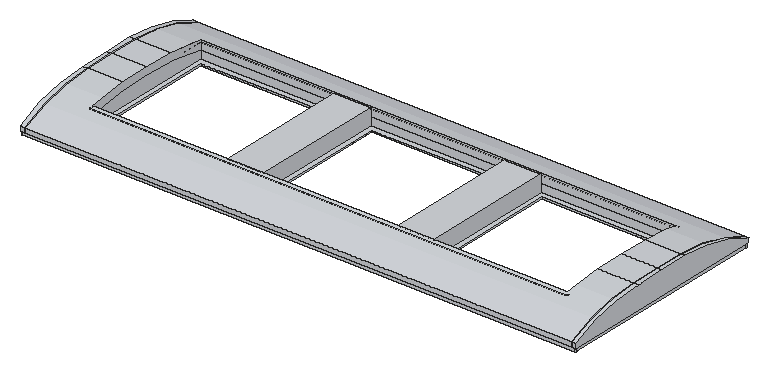
Revit family "Gira_0213806", category Electrical Fixtures, host Face, Revit 2017
Family settings
  Host = Face
  Maintain Annotation Orientation = No
  Round Connector Dimension = Use Diameter
  Part Type = Normal
  Cut with Voids When Loaded = No
  Shared = No
  Room Calculation Point = No
Parameters (values of type "Cov.fr. 3-g interm.fr. CAl Gira Event p.white")
  With mounting grid = "No"
  With hinged lid = "No"
  URL = "http://katalog.gira.de/en/datenblatt.html?artikelnr=0213806"
  Type of fastening = "Clamp mounting"
  Transparent = "No"
  Surface protection = "Other"
  Suitable for wall duct = "No"
  Suitable for flush-mounted installation = "Yes"
  Suitable for floor box = "No"
  Suitable for built-in installation = "No"
  Number of units vertical = "3"
  Number of units horizontal = "3"
  Number of units = "3"
  Name = "Cov.fr. 3-g interm.fr. CAl Gira Event p.white"
  Mounting direction = "Horizontal and vertical"
  Material quality = "Thermoplastic"
  Material = "Plastic"
  Manufacturer URL = "https://www.gira.de/"
  Manufacturer = "Gira"
  Label space/information surface = "No"
  Keynote = ""
  HeinzeBIM = "https://bimportal.heinze.de/bim/cov-fr-3-g-interm-fr-cal-gira-event-p-white/f13988d0c30793cede8810d134b0d044e6dbc91a"
  Halogen free = "Yes"
  HAN = "0213806"
  GTIN = "4010337070085"
  Description = "Cov.fr.3g i.fr.CAl Event PW,Gira Event frames,pure white glossy with colour aluminium intermediate frame,3-gang,Features:,- Shatter-proof."
  Degree of protection (IP) = "IP20"
  Default Elevation = 1219.2 mm
  Data sheet (1) = "https://katalog.gira.de/en/download.html?artikelnr=0213806"
  Colour = "White"
  Category = "Cover frame for domestic switching devices"
  BIM (1) = "https://media.stage.bim.site/public/gira/36a6b08/Event_Rahmen_3fach.rfa"
  Available = "No"
Reference planes
  plane 1 "Center (Front/Back)": y = 0
  plane 2: z = 0
  plane 3 "Center (Left/Right)": x = 0
Forms (mm)
  Extrusion 1, solid, detail levels fine
    sketch origin (0, 0, 0.05) x (0, 1, 0) y (0, 0, 1)
      loop
        arc (12.445, 9.683) -> (6.223, 9.833) -> (0, 9.85) r 291.636
        arc (0, 9.85) -> (-6.223, 9.833) -> (-12.445, 9.683) r 291.636
        arc (-12.445, 9.683) -> (-29.14, 7.482) -> (-45, 1.823) r 79.728
        line (-45, 1.823) -> (-45, -0.05) -> (-42.086, -0.05)
        arc (-42.086, -0.05) -> (-21.385, 5.559) -> (0, 7.206) r 114.424
        arc (0, 7.206) -> (21.385, 5.559) -> (42.086, -0.05) r 114.424
        line (42.086, -0.05) -> (45, -0.05) -> (45, 1.823)
        arc (45, 1.823) -> (29.14, 7.482) -> (12.445, 9.683) r 79.728
    from -114.3 to 114.3
  Extrusion 2, void, detail levels fine
    sketch origin (0, 0, 0) x (1, 0, 0) y (0, 1, 0)
      loop
        line (-99.355, -28.053) -> (99.355, -28.053) -> (99.355, 28.053) -> (-99.355, 28.053) -> (-99.355, -28.053)
    from 0.724 to 11
  Extrusion 3, solid, detail levels coarse
    sketch origin (0, 0, 0) x (1, 0, 0) y (0, 1, 0)
      loop
        line (-116.3, 45) -> (-116.3, -45) -> (116.3, -45) -> (116.3, 45) -> (-116.3, 45)
    from -1.5 to 9.9
  Extrusion 4, solid, detail levels medium
    sketch origin (0, 0, 0.05) x (0, 1, 0) y (0, 0, 1)
      loop
        arc (12.445, 9.683) -> (6.223, 9.833) -> (0, 9.85) r 291.636
        arc (0, 9.85) -> (-6.223, 9.833) -> (-12.445, 9.683) r 291.636
        arc (-12.445, 9.683) -> (-29.14, 7.482) -> (-45, 1.823) r 79.728
        line (-45, 1.823) -> (-45, -0.05) -> (45, -0.05) -> (45, 1.823)
        arc (45, 1.823) -> (29.14, 7.482) -> (12.445, 9.683) r 79.728
    from -116.3 to 116.3
  Extrusion 5, solid, detail levels fine
    sketch origin (-71.3, 0, -1.5) x (0, 1, 0) y (0, 0, -1)
      loop
        line (45, -3.373) -> (45, -1.5) -> (-45, -1.5) -> (-45, -3.373)
        arc (-45, -3.373) -> (-29.14, -9.032) -> (-12.445, -11.233) r 79.728
        arc (-12.445, -11.233) -> (-6.223, -11.383) -> (0, -11.4) r 291.636
        arc (0, -11.4) -> (6.223, -11.383) -> (12.445, -11.233) r 291.636
        arc (12.445, -11.233) -> (29.14, -9.032) -> (45, -3.373) r 79.728
    from 43 to 45
  Extrusion 6, solid, detail levels fine
    sketch origin (0, 0, 0) x (1, 0, 0) y (0, 1, 0)
      loop
        line (-97.195, 25.7) -> (-97.195, -25.7) -> (-45.395, -25.7) -> (-45.395, 25.7) -> (-97.195, 25.7)
      loop
        line (25.9, -25.7) -> (25.9, 25.7) -> (-25.9, 25.7) -> (-25.9, -25.7) -> (25.9, -25.7)
      loop
        line (-100.19, 28.49) -> (-100.19, -28.495)
        spline (-100.19, -28.495) -> (-100.181, -28.625) -> (-100.156, -28.754) -> (-100.113, -28.878) -> (-100.056, -28.995) -> (-99.983, -29.104) -> (-99.897, -29.202) -> (-99.798, -29.288) -> (-99.69, -29.361) -> (-99.572, -29.419) -> (-99.448, -29.461) -> (-99.32, -29.486) -> (-99.19, -29.495)
        line (-99.19, -29.495) -> (99.195, -29.495)
        spline (99.195, -29.495) -> (99.325, -29.486) -> (99.454, -29.461) -> (99.578, -29.419) -> (99.695, -29.361) -> (99.804, -29.288) -> (99.902, -29.202) -> (99.988, -29.104) -> (100.061, -28.995) -> (100.119, -28.878) -> (100.161, -28.754) -> (100.186, -28.625) -> (100.195, -28.495)
        line (100.195, -28.495) -> (100.195, 28.49)
        spline (100.195, 28.49) -> (100.186, 28.62) -> (100.161, 28.748) -> (100.119, 28.872) -> (100.061, 28.99) -> (99.988, 29.098) -> (99.902, 29.197) -> (99.804, 29.283) -> (99.695, 29.356) -> (99.578, 29.413) -> (99.454, 29.456) -> (99.325, 29.481) -> (99.195, 29.49)
        line (99.195, 29.49) -> (-99.19, 29.49)
        spline (-99.19, 29.49) -> (-99.32, 29.481) -> (-99.448, 29.456) -> (-99.572, 29.413) -> (-99.69, 29.356) -> (-99.798, 29.283) -> (-99.897, 29.197) -> (-99.983, 29.098) -> (-100.056, 28.99) -> (-100.113, 28.872) -> (-100.156, 28.748) -> (-100.181, 28.62) -> (-100.19, 28.49)
      loop
        line (97.2, -25.7) -> (97.2, 25.7) -> (45.4, 25.7) -> (45.4, -25.7) -> (97.2, -25.7)
    from 0.1 to 7.3
  Extrusion 7, solid
    sketch origin (0, 0, 0) x (1, 0, 0) y (0, 1, 0)
      loop
        arc (-116, -44.2) -> (-115.854, -44.554) -> (-115.5, -44.7) r 0.5
        line (-115.5, -44.7) -> (115.5, -44.7)
        arc (115.5, -44.7) -> (115.854, -44.554) -> (116, -44.2) r 0.5
        line (116, -44.2) -> (116, 44.2)
        arc (116, 44.2) -> (115.854, 44.554) -> (115.5, 44.7) r 0.5
        line (115.5, 44.7) -> (-115.5, 44.7)
        arc (-115.5, 44.7) -> (-115.854, 44.554) -> (-116, 44.2) r 0.5
        line (-116, 44.2) -> (-116, -44.2)
      loop
        line (-114.3, 43) -> (-114.3, -43) -> (114.3, -43) -> (114.3, 43) -> (-114.3, 43)
    from -1.5 to 0.5
  Extrusion 8, solid, detail levels fine
    sketch origin (71.3, 0, -1.5) x (0, 1, 0) y (0, 0, 1)
      loop
        arc (45, 3.373) -> (29.14, 9.032) -> (12.445, 11.233) r 79.728
        arc (12.445, 11.233) -> (6.223, 11.383) -> (0, 11.4) r 291.636
        arc (0, 11.4) -> (-6.223, 11.383) -> (-12.445, 11.233) r 291.636
        arc (-12.445, 11.233) -> (-29.14, 9.032) -> (-45, 3.373) r 79.728
        line (-45, 3.373) -> (-45, 1.5) -> (45, 1.5) -> (45, 3.373)
    from 43 to 45
  Extrusion 9, solid, detail levels medium
    sketch origin (0, 0, 0) x (1, 0, 0) y (0, 1, 0)
      loop
        line (-116, -44.7) -> (116, -44.7) -> (116, 44.7) -> (-116, 44.7) -> (-116, -44.7)
    from -1.5 to 0.5
  Extrusion 10, solid, detail levels fine
    sketch origin (-34.207, 0, 0) x (1, 0, 0) y (0, 1, 0)
      loop
        line (-8.943, 28.063) -> (-8.943, -27.937) -> (6.057, -27.937) -> (6.057, 28.063) -> (-8.943, 28.063)
    from 0.724 to 7.566
  Extrusion 11, solid, detail levels fine
    sketch origin (34.207, 0, 0) x (-1, 0, 0) y (0, -1, 0)
      loop
        line (-8.943, -28.063) -> (6.057, -28.063) -> (6.057, 27.937) -> (-8.943, 27.937) -> (-8.943, -28.063)
    from 0.724 to 7.566
Cuts and joins
  Extrusion 2 cuts Extrusion 1
  Extrusion 2 cuts Extrusion 6
Dimensions and locks
  aligned and locked: plane 2 to host face
  aligned and locked: level to host face
